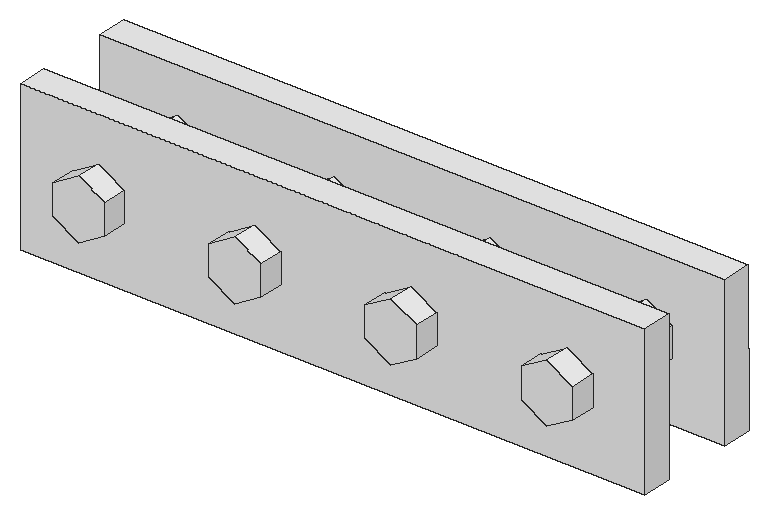
Revit family "QSS+_Соединитель шины", category Обобщенные модели, Revit 2019
Family settings
  Может служить основой для арматурных стержней = Нет
  Размер круглого соединителя = Использовать диаметр
  Тип детали = Нормальный
  На основе рабочей плоскости = Нет
  Всегда вертикально = Да
  При загрузке вырезать с полостями = Нет
  Общий = Да
  Точка расчета площади = Нет
Parameters (values of type "QSS+")
  Материал_Корпус = Металл
  Высота = 30 mm  # constant formula
  URL = "www.agpipe.ru"
  ADSK_Примечание = ""
  ADSK_Позиция [instance] = ""
  ADSK_Обозначение = ""
  ADSK_Наименование [instance] = "Соединитель шины 30/30"  # constant formula
  ADSK_Масса_Текст [instance] = ""
  ADSK_Код изделия [instance] = "QSS-SS-120060"  # constant formula
  ADSK_Завод-изготовитель = "Agpipe"  # constant formula
  ADSK_Единица измерения = "шт."  # constant formula
Reference planes
  plane 1 "По центру (Вперед/Назад)": y = 0
  plane 2: z = 0
  plane 3 "По центру (Влево/Вправо)": x = 0
  plane 4: x = -31.5
  plane 5: x = 31.5
  plane 6: z = 7.5
Forms (mm)
  Extrusion 1, solid, material "Металл"
    sketch origin (-1.5, 6.5, 0) x (-1, 0, 0) y (0, 0, 1)
      loop
        line (30, 0) -> (30, 15) -> (-33, 15) -> (-33, 0) -> (30, 0)
    from -3 to 0
  Extrusion 2, solid, material "Металл"
    sketch origin (-1.5, -6.5, 0) x (-1, 0, 0) y (0, 0, -1)
      loop
        line (30, 0) -> (-33, 0) -> (-33, -15) -> (30, -15) -> (30, 0)
    from -3 to 0
  Extrusion 3, solid, material "Металл"
    sketch origin (0, 0, 0) x (1, 0, 0) y (0, 0, 1)
      loop
        line (-23.625, 10.5) -> (-26.223, 9) -> (-26.223, 6) -> (-23.625, 4.5) -> (-21.027, 6) -> (-21.027, 9) -> (-23.625, 10.5)
      loop
        line (-7.875, 10.5) -> (-10.473, 9) -> (-10.473, 6) -> (-7.875, 4.5) -> (-5.277, 6) -> (-5.277, 9) -> (-7.875, 10.5)
      loop
        line (23.625, 10.5) -> (21.027, 9) -> (21.027, 6) -> (23.625, 4.5) -> (26.223, 6) -> (26.223, 9) -> (23.625, 10.5)
      loop
        line (7.875, 10.5) -> (5.277, 9) -> (5.277, 6) -> (7.875, 4.5) -> (10.473, 6) -> (10.473, 9) -> (7.875, 10.5)
    from -3.5 to 9
Cuts and joins
  joined: Extrusion 1, Extrusion 2, Extrusion 3
Dimensions and locks
  equal spacing: plane 4, plane 3 "По центру (Влево/Вправо)", plane 5
  aligned and locked: level to plane 2
  aligned and locked: Extrusion 2 to plane 5
  aligned and locked: Extrusion 1 to Extrusion 2
  aligned and locked: Extrusion 2 to Extrusion 1
  aligned and locked: Extrusion 3 to Extrusion 1
Automatic sketch dimensions
  Extrusion 1 sketch curve to level = 0 mm
  plane 5 to Extrusion 1 sketch curve = 0 mm
  Extrusion 1 sketch curve to plane 4 = 0 mm
  plane 6 to Extrusion 1 sketch curve = 7.5 mm
  Extrusion 2 sketch curve to level = 0 mm
  plane 5 to Extrusion 2 sketch curve = 0 mm
  plane 4 to Extrusion 2 sketch curve = 0 mm
  plane 6 to Extrusion 2 sketch curve = 7.5 mm
  Extrusion 3 sketch curve to plane 6 = 1.5 mm  (x8)
  plane 4 to Extrusion 3 sketch curve = 5.277 mm
  plane 6 to Extrusion 3 sketch curve = 3 mm  (x4)
  Extrusion 3 sketch curve to Extrusion 3 sketch curve = 2.598 mm  (x12)
  Extrusion 3 sketch curve to plane 6 = 3 mm  (x4)
  plane 6 to Extrusion 3 sketch curve = 1.5 mm  (x8)
  Extrusion 3 sketch curve to plane 3 "По центру (Влево/Вправо)" = 10.473 mm
  plane 3 "По центру (Влево/Вправо)" to Extrusion 3 sketch curve = 5.277 mm
  plane 5 to Extrusion 3 sketch curve = 10.473 mm
